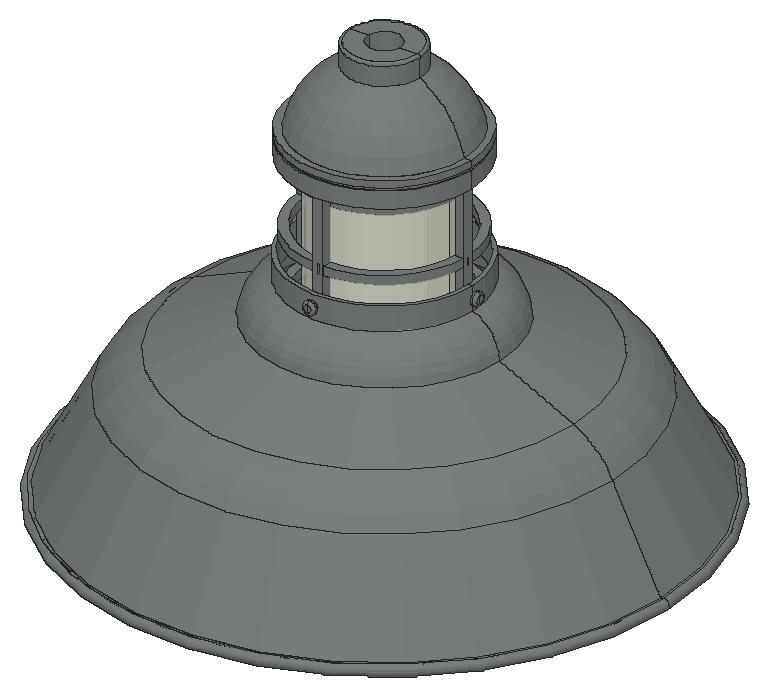
Revit family "WCG14", category Lighting Fixtures, Revit 2024
Family settings
  Round Connector Dimension = Use Diameter
  Part Type = Normal
  OmniClass Number = 23.80.70.00
  OmniClass Title = Lighting
  Work Plane-Based = No
  Always vertical = Yes
  Cut with Voids When Loaded = No
  Light Source = No
  Maintain Annotation Orientation = No
  Shared = No
  Room Calculation Point = No
Parameters
  Default Elevation = 0' - 0"
Reference planes (in)
  plane 1 "Light Source Axis (F/B)": y = 0
  plane 2: z = 0
  plane 3 "Light Source Axis (L/R)": x = 0
  plane 4 "Light Source Elevation": z = 84
Forms (in)
  Extrusion 1, solid, material "41"
    sketch origin (6.84003, -1.34798, 7.03286) x (1, 0, 0) y (0, 0, 1)
      loop
        line (-4.78958, 84.58935) -> (-4.99147, 84.58935) -> (-4.99147, 79.4727)
        arc (-4.99147, 79.4727) -> (-5.57549, 78.12432) -> (-6.95853, 77.62794) r 1.84856
        arc (-6.95853, 77.62794) -> (-8.1884, 78.20816) -> (-8.68859, 79.4727) r 1.84856
        line (-8.68859, 79.4727) -> (-8.68859, 84.58935) -> (-8.89048, 84.58935) -> (-8.89048, 79.4727)
        arc (-8.89048, 79.4727) -> (-6.84003, 77.42225) -> (-4.78958, 79.4727) r 2.05045
        line (-4.78958, 79.4727) -> (-4.78958, 84.58935)
    from -1.47618 to -1.22382
  Revolve 2, solid, material "41"
    sketch origin (6.84003, 0, 7.03286) x (1, 0, 0) y (0, 0, 1)
      loop
        line (-4.69794, 85.06325) -> (-4.69794, 85.21325) -> (-4.8646, 85.21325)
        arc (-4.8646, 85.21325) -> (-5.25766, 86.02652) -> (-5.96503, 86.58825) r 2.02674
        line (-5.96503, 86.58825) -> (-5.96503, 87.02575)
        arc (-5.96503, 87.02575) -> (-5.98334, 87.06994) -> (-6.02753, 87.08825) r 0.0625
        line (-6.02753, 87.08825) -> (-6.45092, 87.08825) -> (-6.45092, 86.65354)
        arc (-6.45092, 86.65354) -> (-5.46253, 86.11619) -> (-4.94074, 85.1195) r 1.93299
        line (-4.94074, 85.1195) -> (-4.83639, 85.1195) -> (-4.83639, 84.89938) -> (-4.79169, 84.89938) -> (-4.79169, 84.6831) -> (-5.08522, 84.6831) -> (-5.08522, 84.30461) -> (-4.99147, 84.30461) -> (-4.99147, 84.58935) -> (-4.69794, 84.58935) -> (-4.69794, 84.99313) -> (-4.74264, 84.99313) -> (-4.74264, 85.06325) -> (-4.69794, 85.06325)
      loop
        line (-4.99147, 82.87328) -> (-4.78958, 82.87328) -> (-4.78958, 83.07517) -> (-4.99147, 83.07517) -> (-4.99147, 82.87328)
      loop
        line (-4.99147, 81.35911) -> (-4.78958, 81.35911) -> (-4.78958, 81.561) -> (-4.99147, 81.561) -> (-4.99147, 81.35911)
      loop
        line (-4.99147, 79.84493) -> (-4.78958, 79.84493) -> (-4.78958, 80.04682) -> (-4.99147, 80.04682) -> (-4.99147, 79.84493)
      loop
        line (-5.24003, 84.58935) -> (-5.33378, 84.58935) -> (-5.33378, 79.6014)
        arc (-5.33378, 79.6014) -> (-5.77495, 78.53632) -> (-6.84003, 78.09515) r 1.50625
        line (-6.84003, 78.09515) -> (-6.84003, 78.0014)
        arc (-6.84003, 78.0014) -> (-5.70866, 78.47003) -> (-5.24003, 79.6014) r 1.6
        line (-5.24003, 79.6014) -> (-5.24003, 84.58935)
      axis (-6.84003, 87.08825) -> (-6.84003, 78.0014)
    angle from 0 to 360
  Extrusion 3, solid, material "41"
    sketch origin (5.40871, -9.34798, 7.03286) x (0, -1, 0) y (0, 0, 1)
      loop
        line (-11.40045, 84.58935) -> (-11.40045, 79.4727)
        arc (-11.40045, 79.4727) -> (-9.35, 77.42225) -> (-7.29955, 79.4727) r 2.05045
        line (-7.29955, 79.4727) -> (-7.29955, 84.58935) -> (-7.50144, 84.58935) -> (-7.50144, 79.4727)
        arc (-7.50144, 79.4727) -> (-8.05489, 78.15366) -> (-9.38383, 77.62445) r 1.84856
        arc (-9.38383, 77.62445) -> (-10.66903, 78.17758) -> (-11.19856, 79.4727) r 1.84856
        line (-11.19856, 79.4727) -> (-11.19856, 84.58935) -> (-11.40045, 84.58935)
    from 5.28252 to 5.53489
  Revolve 4, solid, material "41"
    sketch origin (0, 0, 29.75) x (1, 0, 0) y (0, 0, 1)
      loop
        line (2.35226, 59.5) -> (2.35226, 59.59)
        arc (2.35226, 59.59) -> (2.33469, 59.63243) -> (2.29226, 59.65) r 0.06
        line (2.29226, 59.65) -> (2.25008, 59.65) -> (2.25008, 59.57321) -> (1.99937, 59.57321) -> (1.99937, 59.5) -> (2.35226, 59.5)
      axis (2.35226, 59.5) -> (1.99937, 59.5)
    angle from 0 to 360
  Revolve 5, solid, material "41"
    sketch origin (0, 0, 29.75) x (0, -1, 0) y (0, 0, 1)
      loop
        line (2.35226, 59.5) -> (2.35226, 59.59)
        arc (2.35226, 59.59) -> (2.33469, 59.63243) -> (2.29226, 59.65) r 0.06
        line (2.29226, 59.65) -> (2.25008, 59.65) -> (2.25008, 59.57321) -> (1.99937, 59.57321) -> (1.99937, 59.5) -> (2.35226, 59.5)
      axis (2.35226, 59.5) -> (1.99937, 59.5)
    angle from 0 to 360
  Revolve 6, solid, material "41"
    sketch origin (0, 0, 29.75) x (0, 1, 0) y (0, 0, 1)
      loop
        line (2.35226, 59.5) -> (2.35226, 59.59)
        arc (2.35226, 59.59) -> (2.33469, 59.63243) -> (2.29226, 59.65) r 0.06
        line (2.29226, 59.65) -> (2.25008, 59.65) -> (2.25008, 59.57321) -> (1.99937, 59.57321) -> (1.99937, 59.5) -> (2.35226, 59.5)
      axis (2.35226, 59.5) -> (1.99937, 59.5)
    angle from 0 to 360
  Revolve 7, solid, material "41"
    sketch origin (0, 0, 29.75) x (-1, 0, 0) y (0, 0, 1)
      loop
        line (2.35226, 59.5) -> (2.35226, 59.59)
        arc (2.35226, 59.59) -> (2.33469, 59.63243) -> (2.29226, 59.65) r 0.06
        line (2.29226, 59.65) -> (2.25008, 59.65) -> (2.25008, 59.57321) -> (1.99937, 59.57321) -> (1.99937, 59.5) -> (2.35226, 59.5)
      axis (2.35226, 59.5) -> (1.99937, 59.5)
    angle from 0 to 360
  Revolve 8, solid, material "41"
    sketch origin (0, 0, 0) x (1, 0, 0) y (0, 0, 1)
      loop
        arc (-6.875, 84.25) -> (-6.95607, 84.02985) -> (-6.75159, 84.14485) r 0.125
        line (-6.75159, 84.14485) -> (-5.54407, 86.37116)
        arc (-5.54407, 86.37116) -> (-5.15461, 86.86927) -> (-4.62364, 87.21259) r 1.90625
        line (-4.62364, 87.21259) -> (-2.75991, 88.01677)
        arc (-2.75991, 88.01677) -> (-2.56339, 88.55949) -> (-2.08334, 88.87998) r 0.92484
        line (-2.08334, 88.87998) -> (-2.08334, 89.5) -> (-2.17709, 89.5) -> (-2.17709, 88.94857)
        arc (-2.17709, 88.94857) -> (-2.6407, 88.6128) -> (-2.85, 88.08) r 1.01859
        line (-2.85, 88.08) -> (-4.66079, 87.29867)
        arc (-4.66079, 87.29867) -> (-5.21787, 86.93847) -> (-5.62648, 86.41586) r 2
        line (-5.62648, 86.41586) -> (-6.8012, 84.25) -> (-6.875, 84.25)
      axis (0, 89.5) -> (0, 84.14485)
    angle from 0 to 360
Dimensions and locks (in)
  aligned and locked: level to plane 2
